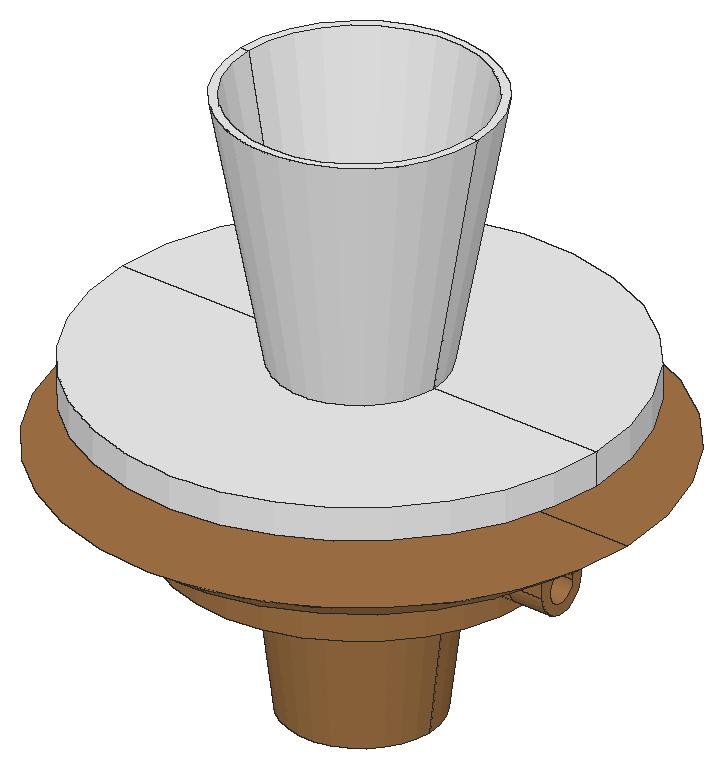
Revit family "Drain_Waste-Jay R.Smith-Adjustable-3510_Series", category Plumbing Fixtures, Revit 2019
Family settings
  Round Connector Dimension = Use Radius
  Part Type = Normal
  OmniClass Number = 23.70.50.21.24
  OmniClass Title = Waste Water Drains
  Work Plane-Based = Yes
  Always vertical = Yes
  Cut with Voids When Loaded = No
  Shared = No
  Room Calculation Point = No
Parameters (values of type "3510C02")
  Waste Connection = yes
  Vent Connection = no
  Vandal Proof Grate -U = no
  Trap Primer Radius = 1/4"
  Trap Primer Connection (1/2" or 3/4") = Trap Primer Radius * 2  # 1/2"
  Strainer Heads = Strainer_Heads-Jay R.Smith-Adjustable : -F10
  Sediment Bucket -B = no
  Collar Position (1-1/4" Min to 2-1/4" Max) = 1 1/4"
  Backwater Valve -V = no
  URL = "http://www.jrsmith.com"
  Trap Primer Connection -P050   1/2" (13) & -P075 3/4" (19) = no
  Product Page URL = "https://www.jrsmith.com/adjustable-strainer-heads-3510"
  Product Documentation Link = "https://www.jrsmith.com/uploads/fileLibrary/d3510.pdf"
  Outlet Radius = Outlet Diameter / 2  # 1"
  Outlet Diameter = 2"
  Model = "3510"
  Material = "Metal-JayR.Smith-Cast_Iron-Duco_Coated"  # constant formula
  Manufacturer = "Jay R. Smith"  # constant formula
  LXH - Speedi-Set Extra Heavy - 02"(50), 03"(75) & 04"(100) sizes only = no
  L - Speedi-Set Service Weight - 02"(50), 03"(75) & 04"(100) sizes only = no
  Installation Type = "Floor Mounted"  # constant formula
  HW Connection = no
  Finish = Metal-JayR.Smith-Cast_Iron-Duco_Coated
  Diameter = 9"
  Description = "Waste Drain w/ Adjustable Strainer Heads"  # constant formula
  Default Elevation = 0"
  Connection Type = "2\" Caulk Outlet Connection"
  CW Connection = no
  Ball Float Backwater Valve -BFV = no
  B Height = 4"
  Assembly Code = "D2030300"
Types (9): name | Trap Primer Radius | Trap Primer Connection (1/2" or 3/4") | Collar Position (1-1/4" Min to 2-1/4" Max) | Outlet Radius | Outlet Diameter | Connection Type | B Height
  3510C02 | 1/4" | 1/2" | 1 1/4" | 1" | 2" | "2\" Caulk Outlet Connection" | 4"
  3510C03 | 0" | 0" | 1 81/128" | 1 1/2" | 3" | "3\" Caulk Outlet Connection" | 4"
  3510C04 | 0" | 0" | 1 81/128" | 2" | 4" | "4\" Caulk Outlet Connection" | 4"
  3510T02 | 0" | 0" | 1 81/128" | 1" | 2" | "2\" Threaded Outlet Connection" | 3"
  3510T03 | 0" | 0" | 1 81/128" | 1 1/2" | 3" | "3\" Threaded Outlet Connection" | 3"
  3510T04 | 0" | 0" | 1 81/128" | 2" | 4" | "4\" Threaded Outlet Connection" | 3"
  3510Y02 | 0" | 0" | 1 81/128" | 1" | 2" | "2\" No-Hub Connection" | 4"
  3510Y03 | 0" | 0" | 1 81/128" | 1 1/2" | 3" | "3\" No-Hub Outlet Connection" | 4"
  3510Y04 | 0" | 0" | 1 81/128" | 2" | 4" | "4\" No-Hub Outlet Connection" | 4"
Reference planes (in)
  plane 1 "Center (Front/Back)": y = 0
  plane 2: z = 0
  plane 3 "Center (Left/Right)": x = -0.54782
  plane 4: x = -5.04782
  plane 5: x = 3.95218
  plane 6: z = -4
  plane 7: z = 1.25
  plane 8: x = -1.54782
  plane 9: x = 2.82718
Forms (in)
  Revolve 1, solid, material "Metal-JayR.Smith-Cast_Iron-Duco_Coated"
    sketch origin (0, 0, 0) x (1, 0, 0) y (0, 0, 1)
      loop
        line (-0.54782, 0) -> (-5.04782, 0) -> (-4.32621, -0.50527) -> (-3.37822, -0.50527) -> (-3.37822, -1.441) -> (-1.95256, -1.93319) -> (-1.69879, -4) -> (-0.54782, -4) -> (-0.54782, 0)
      axis (-0.54782, -4) -> (-0.54782, 0)
    angle from 0 to 360
  Extrusion 2, solid, material "Metal-JayR.Smith-Cast_Iron-Duco_Coated" <- "Finish"
    sketch origin (-0.82303, 0.54782, 0.25025) x (0, 1, 0) y (0, 0, 1)
      loop
        line (-0.95563, -0.75552) -> (-0.95563, -1.26868)
        arc (-0.95563, -1.26868) -> (-0.54782, -1.6765) -> (-0.14, -1.26868) r 0.40782
        line (-0.14, -1.26868) -> (-0.14, -0.75552) -> (-0.95563, -0.75552)
      loop
        circle (-0.54782, -1.26868) r 0.25
    from 0.27521 to 3.65021
Lines and regions (in)
  Masking region 1
    outline origin (0, 0, 0) x (1, 0, 0) y (0, 1, 0)
Dimensions and locks (in)
  plane 5 to plane 4 = 9"
  "B Height": plane 2 to plane 6
  plane 2 to Revolve 1 sketch curve to Revolve 1 sketch curve to Revolve 1 sketch curve = 0.50527" locked, 0.93573" locked, 63/128"
  "Collar Position (1-1/4" Min to 2-1/4" Max)": plane 7 to plane 2
  "Outlet Radius": plane 3 "Center (Left/Right)" to plane 8
  Revolve 1 sketch curve to Revolve 1 sketch curve to plane 4 = 0.94799" locked, 0.7216" locked
  plane 8 to Revolve 1 sketch curve to Revolve 1 sketch curve = 0.15097" locked, 0.25377" locked
  locked: plane 9 to plane 3 "Center (Left/Right)" at 3.375
  aligned and locked: plane 3 "Center (Left/Right)" to Revolve 1 sketch curve
  aligned and locked: Revolve 1 sketch curve to plane 6
  aligned and locked: plane 7 to nested 1
  aligned and locked: plane 3 "Center (Left/Right)" to nested 1
  aligned and locked: Extrusion 2 to plane 3 "Center (Left/Right)"
  aligned and locked: plane 9 to Extrusion 2
Automatic sketch dimensions
  Extrusion 2 sketch curve to Extrusion 2 sketch curve = 0"  (x2)
  Extrusion 2 sketch curve to plane 1 "Center (Front/Back)" = 0"
  plane 1 "Center (Front/Back)" to Extrusion 2 sketch curve = 0.40782"
  Extrusion 2 sketch curve to level = 1.01843"
  Extrusion 2 sketch curve to Extrusion 2 sketch curve = 0.51316"
  Revolve 1 sketch curve to level = 0"
  Revolve 1 sketch curve to plane 4 = 0"
  Revolve 1 sketch curve to plane 3 "Center (Left/Right)" = 0"
  Revolve 1 sketch curve to Revolve 1 sketch curve = 1/4"
  plane 7 to Revolve 1 sketch curve = 47/128"
  radius of Extrusion 2 sketch curve = 1/4"
Nested families (in)
  nested 1: "Strainer_Heads-Jay R.Smith-Adjustable" at (0, -0.03766, -1.125), type <- "Strainer Heads", type "-F10"
Connectors (in)
  piping at (-0.54782, 0, -4), diameter 2, driven by "Outlet Radius", driven by "Connection Type"
    settings: on Revolve 1, index 1, connector inside diameter 24", connector length 0", flow factor 0, pipe flow 0 GPM, pressure drop 0.00 psi, fitting loss kfactor 0, connector angle 0.00°, fixture units 0, engagement length 0", angle of deflection 0.00°, flow configuration 0, flow direction 2, fitting loss method 0, system type 16, joint type 0, gender type 0, connector reference index -1, connector utility 0, adjustable connector no, is connector primary yes, connector description "2\" Caulk Outlet Connection"
  piping at (2.82718, 0, -1.01843), diameter 0.5, driven by "Trap Primer Radius"
    settings: on Extrusion 2, index 2, connector inside diameter 24", connector length 0", flow factor 0, pipe flow 0 GPM, pressure drop 0.00 psi, fitting loss kfactor 0, connector angle 0.00°, fixture units 0, engagement length 0", angle of deflection 0.00°, flow configuration 0, flow direction 2, fitting loss method 0, system type 16, joint type 0, gender type 0, connector reference index -1, connector utility 0, adjustable connector no, is connector primary no, connector description "Trap Primer Connection"
Definition of nested family "Strainer_Heads-Jay R.Smith-Adjustable"
  Parameters (values of type "-F10")
    Waste Connection = no
    Vent Connection = no
    URL = "http://www.jrsmith.com"
    Standpipe Height (Specify) = 6"
    Standpipe A Dia = 2"
    Standpipe = no
    Square Top = no
    Round Top Anti-Splash Rim = no
    Round Top = yes
    Round Funnel = yes
    Product Page URL = "https://www.jrsmith.com/adjustable-strainer-heads-3510"
    Product Documentation Link = "https://www.jrsmith.com/uploads/fileLibrary/d3510.pdf"
    Oval Funnel Length = 8 1/4"  # constant formula
    Oval Funnel = no
    Model = "Adjustable Strainer Heads"
    Manufacturer = "Jay R. Smith"  # constant formula
    HW Connection = no
    H Height = 2 3/8"
    Oval Funnel Width = 3 1/4"  # constant formula
    Funnel Height = 4"
    Finish = none
    Description = "Adjustable Strainer Heads"  # constant formula
    Default Elevation = 0"
    CW Connection = no
    B Sq (width) = 5"
    B Sq (length) = 5"
    B Dia = 8"
    Assembly Code = "D2030300"
  Types (40): name | Standpipe A Dia | Standpipe | Square Top | Round Top Anti-Splash Rim | Round Top | Round Funnel | Oval Funnel | H Height | Funnel Height | B Sq (width) | B Sq (length) | B Dia
    -F10 | 2" | no | no | no | yes | yes | no | 2 3/8" | 4" | 5" | 5" | 8"
    -F11-05 | 2" | no | no | no | yes | yes | no | 2" | 4 1/4" | 5" | 5" | 5"
    -F11-06 | 2" | no | no | no | yes | yes | no | 2" | 4 1/4" | 5" | 5" | 6"
    -F11-07 | 2" | no | no | no | yes | yes | no | 2 1/4" | 4 1/4" | 5" | 5" | 7"
    -F11-08 | 2" | no | no | no | yes | yes | no | 2 1/2" | 4 1/4" | 5" | 5" | 8"
    -F11-09 | 2" | no | no | no | yes | yes | no | 2 1/2" | 4 1/4" | 5" | 5" | 9"
    -F11-10 | 2" | no | no | no | yes | yes | no | 2 3/4" | 4 1/4" | 5" | 5" | 10"
    -F12-05 | 2" | no | yes | no | no | yes | no | 2" | 4 1/4" | 5" | 5" | 5"
    -F12-06 | 2" | no | yes | no | no | yes | no | 2" | 4 1/4" | 6" | 6" | 6"
    -F12-07 | 2" | no | yes | no | no | yes | no | 2 1/4" | 4 1/4" | 7" | 7" | 7"
    -F12-08 | 2" | no | yes | no | no | yes | no | 2 1/2" | 4 1/4" | 8" | 8" | 8"
    -F12-09 | 2" | no | yes | no | no | yes | no | 2 1/2" | 4 1/4" | 9" | 9" | 9"
    -F12-10 | 2" | no | yes | no | no | yes | no | 2 3/4" | 4 1/4" | 10" | 10" | 10"
    -F13 | 2" | no | yes | no | no | yes | no | 2 1/4" | 4 1/4" | 8" | 4 1/4" | 5"
    -F14 | 2" | no | yes | no | no | yes | no | 2 1/2" | 4 1/4" | 12" | 4" | 5"
    -F15 | 2" | no | yes | no | no | yes | no | 2 1/4" | 4 1/4" | 9" | 5" | 5"
    -F16 | 2" | no | yes | no | no | yes | no | 3" | 4 1/4" | 13" | 5" | 5"
    -F17 | 2" | no | yes | no | no | yes | no | 3" | 4 1/4" | 17" | 5" | 5"
    -F18 | 2" | no | yes | no | no | yes | no | 2 1/4" | 4 1/4" | 18" | 5" | 5"
    -F19 | 2" | no | no | no | yes | no | yes | 2 1/2" | 4 1/2" | 18" | 5" | 8"
    -F20 | 2" | no | no | no | yes | no | yes | 2" | 4 1/2" | 18" | 5" | 6"
    -F21 | 2" | no | no | no | yes | no | yes | 2 1/4" | 4 1/2" | 18" | 5" | 7"
    -F22 | 2" | no | no | no | yes | no | yes | 2 1/2" | 4 1/2" | 18" | 5" | 8"
    -F23 | 2" | no | no | no | yes | no | yes | 2 1/2" | 4 1/2" | 18" | 5" | 9"
    -F24 | 2" | no | no | no | yes | no | yes | 2 3/4" | 4 1/2" | 18" | 5" | 10"
    -F25 | 2" | no | yes | no | no | no | yes | 2" | 4 1/2" | 6" | 6" | 10"
    -F26 | 2" | no | yes | no | no | no | yes | 2 1/4" | 4 1/2" | 7" | 7" | 7"
    -F27 | 2" | no | yes | no | no | no | yes | 2 1/2" | 4 1/2" | 8" | 8" | 8"
    -F28 | 2" | no | yes | no | no | no | yes | 2 1/2" | 4 1/2" | 9" | 9" | 9"
    -F29 | 2" | no | yes | no | no | no | yes | 2 3/4" | 4 1/2" | 10" | 10" | 10"
    -F30 | 2" | no | yes | no | no | no | yes | 2 1/2" | 4 1/2" | 8" | 4 1/4" | 8"
    -F31 | 2" | no | yes | no | no | no | yes | 2 1/2" | 4 1/2" | 12" | 4" | 8"
    -F32 | 2" | no | yes | no | no | no | yes | 2 1/4" | 4 1/2" | 9" | 5" | 8"
    -F33 | 2" | no | yes | no | no | no | yes | 3" | 4 1/2" | 13" | 5" | 8"
    -F34 | 2" | no | yes | no | no | no | yes | 2 1/4" | 4 1/2" | 10" | 6" | 8"
    -F35 | 2" | no | yes | no | no | no | yes | 3" | 4 1/2" | 17" | 5" | 8"
    -F37 | 2" | no | no | yes | yes | no | no | 3 1/4" | 4 1/2" | 17" | 5" | 7"
    -F38 | 2" | no | no | yes | yes | no | no | 3 1/2" | 4 1/2" | 17" | 5" | 9"
    -F40 | 2" | yes | no | no | yes | no | no | 2" | 4 1/4" | 5" | 5" | 5"
    -F41 | 3" | yes | no | no | yes | no | no | 2" | 4 1/4" | 5" | 5" | 5"
  Reference planes (in)
    plane 1 "Center (Front/Back)": y = 0
    plane 2: z = 0
    plane 3 "Center (Left/Right)": x = -0.54782
    plane 4: x = -4.54782
    plane 5: x = 3.45218
    plane 6: z = 2.375
    plane 7: z = 6.375
    plane 8: x = -2.54782
    plane 9: x = 1.45218
    plane 10: x = -3.04782
    plane 11: x = 1.95218
    plane 12: y = 2.5
    plane 13: y = -2.5
    plane 14: z = 1.875
    plane 15: y = 1.625
    plane 16: y = -1.625
    plane 17: x = -4.67282
    plane 18: x = 3.57718
    plane 19: x = -1.54782
    plane 20: x = 0.45218
    plane 21: z = 8.375
  Forms (in)
    Revolve 1, solid, material <- "Finish", visible <- "Round Top"
      sketch origin (0, 0, 0) x (1, 0, 0) y (0, 0, 1)
        loop
          line (-0.54782, 0) -> (-0.54782, 2.375) -> (-4.54782, 2.375) -> (-4.54782, 1.875) -> (-2.54782, 1.875) -> (-2.54782, 0) -> (-0.54782, 0)
        axis (-0.54782, 0) -> (-0.54782, 2.375)
      angle from 0 to 360
    Revolve 2, solid, material <- "Finish", visible <- "Round Funnel"
      sketch origin (0, 0, 0) x (1, 0, 0) y (0, 0, 1)
        loop
          line (-2.54782, 6.375) -> (-1.79843, 2.375) -> (-1.67343, 2.375) -> (-2.42282, 6.375) -> (-2.54782, 6.375)
        axis (-0.54782, 2.375) -> (-0.54782, 6.375)
      angle from 0 to 360
    Extrusion 3, solid, material <- "Finish", visible <- "Square Top"
      sketch origin (0, 0, 0) x (1, 0, 0) y (0, 1, 0)
        loop
          line (-3.04782, 2.5) -> (-3.04782, -2.5) -> (1.95218, -2.5) -> (1.95218, 2.5) -> (-3.04782, 2.5)
      from 1.875 to 2.375
    Revolve 4, solid, material <- "Finish", visible <- "Square Top"
      sketch origin (0, 0, 0) x (1, 0, 0) y (0, 0, 1)
        loop
          line (-2.54782, 0) -> (-0.54782, 0) -> (-0.54782, 1.875) -> (-2.54782, 1.875) -> (-2.54782, 0)
        axis (-0.54782, 0) -> (-0.54782, 1.875)
      angle from 0 to 360
    Blend 5, solid, material <- "Finish", visible <- "Oval Funnel"
      base sketch origin (0, 0, 0) x (1, 0, 0) y (0, 1, 0)
        loop
          arc (-3.04782, 1.625) -> (-4.67282, 0) -> (-3.04782, -1.625) r 1.625
          line (-3.04782, -1.625) -> (1.95218, -1.625)
          arc (1.95218, -1.625) -> (3.57718, 0) -> (1.95218, 1.625) r 1.625
          line (1.95218, 1.625) -> (-3.04782, 1.625)
      top sketch origin (0, 0, 0) x (1, 0, 0) y (0, 1, 0)
        loop
          arc (-1.42282, 1.625) -> (-3.04782, 0) -> (-1.42282, -1.625) r 1.625
          line (-1.42282, -1.625) -> (0.32718, -1.625)
          arc (0.32718, -1.625) -> (1.95218, 0) -> (0.32718, 1.625) r 1.625
          line (0.32718, 1.625) -> (-1.42282, 1.625)
      from 6.375 to 2.375
    Blend 6, void
      base sketch origin (0, 0, 14.5) x (1, 0, 0) y (0, 1, 0)
        loop
          arc (-3.04782, 1.5) -> (-4.54782, 0) -> (-3.04782, -1.5) r 1.5
          line (-3.04782, -1.5) -> (1.95218, -1.5)
          arc (1.95218, -1.5) -> (3.45218, 0) -> (1.95218, 1.5) r 1.5
          line (1.95218, 1.5) -> (-3.04782, 1.5)
      top sketch origin (0, 0, 14.5) x (1, 0, 0) y (0, 1, 0)
        loop
          arc (-1.42282, 1.5) -> (-2.92282, 0) -> (-1.42282, -1.5) r 1.5
          line (-1.42282, -1.5) -> (0.32718, -1.5)
          arc (0.32718, -1.5) -> (1.82718, 0) -> (0.32718, 1.5) r 1.5
          line (0.32718, 1.5) -> (-1.42282, 1.5)
      from -8.125 to -12.125
    Revolve 7, solid, material <- "Finish", visible <- "Round Top Anti-Splash Rim"
      sketch origin (0, 0, 0) x (1, 0, 0) y (0, 0, 1)
        loop
          line (-0.54782, 0) -> (-0.54782, 1.875) -> (-4.29782, 1.875) -> (-4.29782, 2.375) -> (-4.54782, 2.375) -> (-4.54782, 1.375) -> (-2.54782, 1.375) -> (-2.54782, 0) -> (-0.54782, 0)
        axis (-0.54782, 0) -> (-0.54782, 2.375)
      angle from 0 to 360
    Revolve 8, solid, material <- "Finish", visible <- "Standpipe"
      sketch origin (0, 0, 0) x (1, 0, 0) y (0, 0, 1)
        loop
          line (-1.43498, 8.375) -> (-1.54782, 8.375) -> (-1.54782, 2.375) -> (-1.43498, 2.375) -> (-1.43498, 8.375)
        axis (-0.54782, 2.375) -> (-0.54782, 8.375)
      angle from 0 to 360
  Cuts and joins
    Blend 6 cuts Blend 5
  Lines and regions (in)
    Masking region 1
      outline origin (0, 0, 0) x (1, 0, 0) y (0, 1, 0)
  Dimensions and locks (in)
    "B Dia": plane 5 to plane 4
    "H Height": plane 6 to plane 2
    "Funnel Height": plane 7 to plane 6
    equal spacing: plane 5, plane 3 "Center (Left/Right)", plane 4
    plane 8 to plane 9 = 4"
    locked: plane 6 to Revolve 1 sketch curve at 0.5
    "B Sq (width)": plane 11 to plane 10
    "B Sq (length)": plane 12 to plane 13
    equal spacing: plane 12, plane 1 "Center (Front/Back)", plane 13
    locked: plane 6 to plane 14 at 0.5
    locked: plane 3 "Center (Left/Right)" to Revolve 4 sketch curve at 2
    equal spacing: plane 11, plane 3 "Center (Left/Right)", plane 10
    locked: plane 3 "Center (Left/Right)" to Revolve 1 sketch curve at 2
    "Oval Funnel Width": plane 15 to plane 16
    equal spacing: plane 15, plane 1 "Center (Front/Back)", plane 16
    "Oval Funnel Length": plane 17 to plane 18
    locked: plane 17 to Blend 5 sketch curve at 1.625
    locked: Blend 5 sketch curve to plane 18 at 1.625
    locked: plane 17 to Blend 5 sketch curve at 3.25
    locked: Blend 5 sketch curve to plane 18 at 3.25
    locked: plane 17 to Blend 6 sketch curve at 1.625
    locked: Blend 6 sketch curve to plane 18 at 1.625
    locked: plane 16 to Blend 6 sketch curve at 0.125  (x2)
    locked: plane 15 to Blend 6 sketch curve at 0.125  (x2)
    locked: plane 17 to Blend 6 sketch curve at 3.25
    locked: Blend 6 sketch curve to plane 18 at 3.25
    locked: plane 14 to Revolve 7 sketch curve at 0.5
    locked: Revolve 7 sketch curve to plane 4 at 0.25
    locked: plane 3 "Center (Left/Right)" to Revolve 7 sketch curve at 2
    locked: Revolve 8 sketch curve to Revolve 8 sketch curve at 0.11283
    "Standpipe A Dia": plane 20 to plane 19
    equal spacing: plane 20, plane 3 "Center (Left/Right)", plane 19
    "Standpipe Height (Specify)": plane 21 to plane 6
    aligned and locked: plane 3 "Center (Left/Right)" to Revolve 1 sketch curve  (x2)
    aligned and locked: Revolve 1 sketch curve to plane 6
    aligned and locked: Revolve 1 sketch curve to plane 4
    aligned and locked: Revolve 1 sketch curve to plane 2
    aligned and locked: plane 3 "Center (Left/Right)" to Revolve 2 sketch curve
    aligned and locked: Revolve 2 sketch curve to plane 6
    aligned and locked: Revolve 2 sketch curve to plane 7
    aligned and locked: plane 8 to Revolve 2 sketch curve
    aligned and locked: Extrusion 3 sketch curve to plane 12
    aligned and locked: Extrusion 3 sketch curve to plane 13
    aligned and locked: Extrusion 3 to plane 14
    aligned and locked: plane 6 to Extrusion 3
    aligned and locked: plane 3 "Center (Left/Right)" to Revolve 4 sketch curve  (x2)
    aligned and locked: Revolve 1 to Revolve 4 sketch curve
    aligned and locked: Revolve 4 sketch curve to Revolve 1
    aligned and locked: Extrusion 3 sketch curve to plane 11
    aligned and locked: plane 10 to Extrusion 3 sketch curve
    aligned and locked: Blend 5 sketch curve to plane 15
    aligned and locked: plane 16 to Blend 5 sketch curve
    aligned and locked: Blend 5 to plane 6
    aligned and locked: plane 7 to Blend 5
    aligned and locked: Blend 6 to plane 6
    aligned and locked: plane 7 to Blend 6
    aligned and locked: plane 3 "Center (Left/Right)" to Revolve 7 sketch curve
    aligned and locked: Revolve 7 sketch curve to plane 6
    aligned and locked: plane 14 to Revolve 7 sketch curve
    aligned and locked: plane 2 to Revolve 7 sketch curve
    aligned and locked: plane 3 "Center (Left/Right)" to Revolve 8 sketch curve
    aligned and locked: Revolve 8 sketch curve to plane 6
    aligned and locked: Revolve 8 sketch curve to plane 19
    aligned and locked: plane 21 to Revolve 8 sketch curve
  Automatic sketch dimensions
    Revolve 1 sketch curve to level = 2 1/4"
    Revolve 1 sketch curve to Revolve 1 sketch curve = 1 3/4"
    Revolve 2 sketch curve to Revolve 2 sketch curve = 1/8"  (x2)
    plane 8 to Revolve 2 sketch curve = 0.74939"
    Revolve 2 sketch curve to level = 2"
    Revolve 2 sketch curve to Revolve 2 sketch curve = 2 1/2"
    Revolve 4 sketch curve to Revolve 4 sketch curve = 1 1/4"
    Revolve 4 sketch curve to Revolve 4 sketch curve = 1"
    Blend 5 sketch curve to Blend 5 sketch curve = 0"  (x2)
    Blend 5 sketch curve to plane 16 = 0"
    plane 1 "Center (Front/Back)" to Blend 5 sketch curve = 0"
    Revolve 7 sketch curve to plane 4 = 0"
    Revolve 7 sketch curve to plane 3 "Center (Left/Right)" = 0"
    Revolve 7 sketch curve to Revolve 7 sketch curve = 3 1/2"
    Revolve 7 sketch curve to Revolve 7 sketch curve = 3"
    Revolve 8 sketch curve to level = 5"
    Revolve 8 sketch curve to Revolve 8 sketch curve = 2 1/2"
